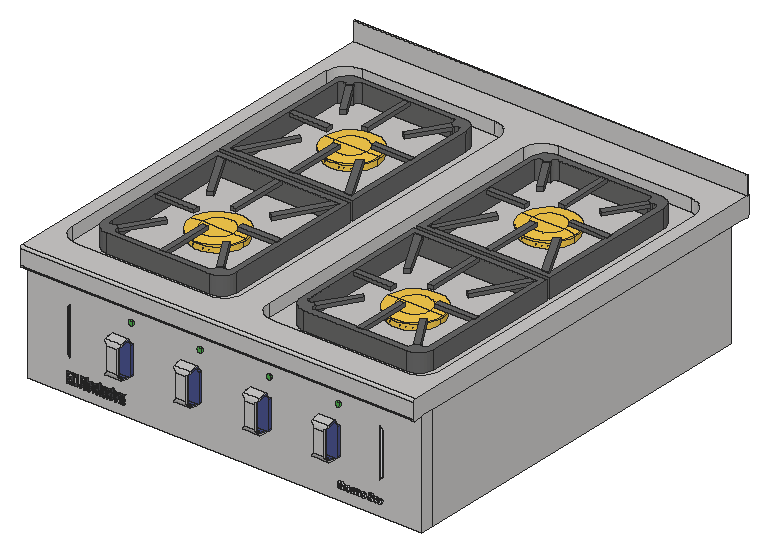
Revit family "QF_ELECTROLUXPROFESSIONAL_588524_MBGGBBHOPO", category Attrezzature speciali, Revit 2020
Family settings
  Quota connettore circolare = Usa diametro
  Tipo di parte = Normale
  Basato su piano di lavoro = No
  Sempre verticale = Sì
  Taglio con vuoti quando caricato = No
  Condiviso = No
  Punto di calcolo locali = No
Parameters (values of type "Standard")
  Weight = 65.00 kg
  Watts = 0 W
  Volts = 0 V
  URL Manufacturer = "https://www.electroluxprofessional.com/"
  URL = "https://www.electroluxprofessional.com/"
  Steam Supply Size = 0"
  Steam Supply Minimum Pressure = 0.00 psi
  Steam Supply Maximum Pressure = 0.00 psi
  Steam Consumption per Hour = 0
  Refrigeration Suction Line Size = 0 mm
  Refrigeration Liquid Line Size = 0 mm
  Refrigerant Compressor Remote = yes
  Prospetto di default = 0 mm
  Phase = 0
  Modello = "MBGGBBHOPO"
  Produttore = "Electrolux Professional"
  Length Actual = 800 mm  # constant formula
  Item Number = "588524"
  Hot Water Size = 0"
  Height Actual = 250 mm  # constant formula
  HP = "0 HP"
  Gas Size = 1/2"
  Gas KW = 28
  Gas Input Pressure = 0.938315 Btu/h
  Direct Waste Size = 0"
  Descrizione = "GAS TOP,4 BURNERS,1-S,BSPL,800X850X250H"
  Depth Actual = 850 mm  # constant formula
  Cycle = 0 Hz
  Condensate Return Size = 0"
  Compressed Air Volume = 0 GPM
  Compressed Air Size = 0"
  Compressed Air Pressure = 0.00 psi
  Cold Water Size = 0"
  Accessory = yes
Reference planes
  plane 1 "BACK": y = 0
  plane 2: z = 0
  plane 3 "LEFT": x = 0
  plane 4 "RIGHT": x = 800
  plane 5 "FRONT": y = -850
  plane 6 "TOP": z = 900
  plane 7 "Center (Left/Right)": x = 400
  plane 8: y = -425
  plane 9: y = -150
  plane 10: x = 75
  plane 11: x = 725
  plane 12: y = -65
  plane 13: y = -790
  plane 14 "GasY": y = -540
  plane 15: z = 938
  plane 16 "BaseTop": z = 650
  plane 17: y = -805
  plane 18 "Camino": y = -50
  plane 19: x = 764
  plane 20: z = 1131
Forms (mm)
  Extrusion 1, solid, material "QF_Finishes_Stainless Steel"
    sketch origin (-178.969, -4572, 100) x (-1, 0, 0) y (0, -1, 0)
      loop
        line (-178.969, -4527) -> (-178.969, -3767) -> (-978.969, -3767) -> (-978.969, -4527) -> (-178.969, -4527)
    from 550 to 762.969
  Extrusion 2, solid, material "QF_Finishes_Stainless Steel"
    sketch origin (400, 296.4, 1219.2) x (0, 1, 0) y (0, 0, 1)
      loop
        line (-296.4, -319.2) -> (-1141.4, -319.2)
        arc (-1141.4, -319.2) -> (-1144.935, -320.664) -> (-1146.4, -324.2) r 5
        line (-1146.4, -324.2) -> (-1146.4, -355.2)
        arc (-1146.4, -355.2) -> (-1144.971, -358.264) -> (-1141.705, -359.139) r 4
        line (-1141.705, -359.139) -> (-1126.4, -356.231) -> (-316.4, -356.231) -> (-301.094, -359.139)
        arc (-301.094, -359.139) -> (-297.829, -358.264) -> (-296.4, -355.2) r 4
        line (-296.4, -355.2) -> (-296.4, -319.2)
    from -400 to 400
  Extrusion 3, void
    sketch origin (0, 0, 900) x (-1, 0, 0) y (0, -1, 0)
      loop
        arc (-65.29, 65) -> (-37.006, 76.716) -> (-25.29, 105) r 40
        line (-25.29, 105) -> (-25.29, 750)
        arc (-25.29, 750) -> (-37.006, 778.284) -> (-65.29, 790) r 40
        line (-65.29, 790) -> (-335.29, 790)
        arc (-335.29, 790) -> (-363.574, 778.284) -> (-375.29, 750) r 40
        line (-375.29, 750) -> (-375.29, 105)
        arc (-375.29, 105) -> (-363.574, 76.716) -> (-335.29, 65) r 40
        line (-335.29, 65) -> (-65.29, 65)
    from 0 to -25
  Extrusion 4, solid, material "QF_Finishes_Stainless Steel"
    sketch origin (400, 296.4, 1219.2) x (0, 1, 0) y (0, 0, 1)
      loop
        line (-296.4, -319.2) -> (-296.4, -281.2) -> (-298.4, -281.2) -> (-298.4, -319.2) -> (-296.4, -319.2)
    from 400 to -400
  Extrusion 5, solid, material "QF_Finishes_Stainless Steel"
    sketch origin (0, 0, 650) x (-1, 0, 0) y (0, -1, 0)
      loop
        circle (-764, 540) r 10.1
    from 0 to -10
  Extrusion 6, void
    sketch origin (800, 0, 900) x (1, 0, 0) y (0, 1, 0)
      loop
        line (-65.29, -65) -> (-335.29, -65)
        arc (-335.29, -65) -> (-363.574, -76.716) -> (-375.29, -105) r 40
        line (-375.29, -105) -> (-375.29, -750)
        arc (-375.29, -750) -> (-363.574, -778.284) -> (-335.29, -790) r 40
        line (-335.29, -790) -> (-65.29, -790)
        arc (-65.29, -790) -> (-37.006, -778.284) -> (-25.29, -750) r 40
        line (-25.29, -750) -> (-25.29, -105)
        arc (-25.29, -105) -> (-37.006, -76.716) -> (-65.29, -65) r 40
    from 0 to -25
Cuts and joins
  Extrusion 3, Extrusion 6 cuts Extrusion 2
Lines and regions (mm)
  symbolic lines
    curve 1: line (0, 0, 100) -> (800, 0, 100)
    curve 2: line (0, -850, 100) -> (0, 0, 100)
    curve 3: line (800, -850, 100) -> (0, -850, 100)
    curve 4: line (800, 0, 100) -> (800, -850, 100)
    curve 5: line (0, -2, 0) -> (800, -2, 0)
    curve 6: line (335.29, -65, 0) -> (65.29, -65, 0)
    curve 7: line (424.71, -105, 0) -> (424.71, -750, 0)
    curve 8: line (734.71, -65, 0) -> (464.71, -65, 0)
    curve 9: arc (65.29, -65, 0) -> (37.006, -76.716, 0) -> (25.29, -105, 0) r 40
    curve 10: arc (375.29, -105, 0) -> (363.574, -76.716, 0) -> (335.29, -65, 0) r 40
    curve 11: line (375.29, -750, 0) -> (375.29, -105, 0)
    curve 12: arc (335.29, -790, 0) -> (363.574, -778.284, 0) -> (375.29, -750, 0) r 40
    curve 13: line (65.29, -790, 0) -> (335.29, -790, 0)
    curve 14: arc (25.29, -750, 0) -> (37.006, -778.284, 0) -> (65.29, -790, 0) r 40
    curve 15: line (25.29, -105, 0) -> (25.29, -750, 0)
    curve 16: arc (464.71, -65, 0) -> (436.426, -76.716, 0) -> (424.71, -105, 0) r 40
    curve 17: arc (774.71, -105, 0) -> (762.994, -76.716, 0) -> (734.71, -65, 0) r 40
    curve 18: line (774.71, -750, 0) -> (774.71, -105, 0)
    curve 19: arc (734.71, -790, 0) -> (762.994, -778.284, 0) -> (774.71, -750, 0) r 40
    curve 20: line (464.71, -790, 0) -> (734.71, -790, 0)
    curve 21: arc (424.71, -750, 0) -> (436.426, -778.284, 0) -> (464.71, -790, 0) r 40
Dimensions and locks
  plane 3 "LEFT" to plane 4 "RIGHT" = 800 mm
  locked: plane 5 "FRONT" to plane 1 "BACK" at 850
  plane 3 "LEFT" to plane 7 "Center (Left/Right)" to plane 4 "RIGHT" = 400 mm, 400 mm
  equal spacing: plane 5 "FRONT", plane 8, plane 1 "BACK"
  plane 6 "TOP" to level = 900 mm  (x2)
  plane 1 "BACK" to plane 9 = 150 mm
  plane 14 "GasY" to plane 1 "BACK" = 540 mm
  plane 15 to plane 6 "TOP" = 38 mm
  plane 12 to plane 1 "BACK" = 65 mm
  plane 5 "FRONT" to plane 13 = 60 mm
  plane 3 "LEFT" to plane 10 = 75 mm
  plane 11 to plane 4 "RIGHT" = 75 mm
  locked: plane 6 "TOP" to plane 16 "BaseTop" at 250
  locked: plane 17 to plane 5 "FRONT" at 45
  plane 18 "Camino" to plane 1 "BACK" = 50 mm
  plane 19 to plane 4 "RIGHT" = 36 mm
  plane 20 to plane 6 "TOP" = 231 mm
  aligned and locked: level to plane 2
  aligned and locked: cut or joined group of Extrusion 2, Extrusion 3, Extrusion 6 to plane 3 "LEFT"
  aligned and locked: cut or joined group of Extrusion 2, Extrusion 3, Extrusion 6 to plane 4 "RIGHT"
  aligned and locked: nested 1 to plane 17
  aligned and locked: Extrusion 1 to plane 17
  aligned and locked: Extrusion 4 to plane 3 "LEFT"
  aligned and locked: Extrusion 4 to plane 4 "RIGHT"
  aligned and locked: plane 3 "LEFT" to nested 1
Automatic sketch dimensions
  curve 5 to plane 3 "LEFT" = 0 mm
  curve 5 to plane 4 "RIGHT" = 0 mm
  plane 1 "BACK" to curve 5 = 2 mm
  Extrusion 1 sketch curve to plane 4 "RIGHT" = 0 mm
  Extrusion 1 sketch curve to plane 3 "LEFT" = 0 mm
  Extrusion 1 sketch curve to plane 17 = 0 mm
  Extrusion 1 sketch curve to plane 18 "Camino" = 5 mm
  plane 1 "BACK" to curve 1 = 0 mm
  curve 1 to plane 4 "RIGHT" = 0 mm
  curve 3 to plane 3 "LEFT" = 0 mm
  plane 5 "FRONT" to curve 3 = 0 mm
  Extrusion 2 sketch curve to plane 5 "FRONT" = 0 mm
  Extrusion 2 sketch curve to plane 6 "TOP" = 0 mm
  Extrusion 2 sketch curve to plane 1 "BACK" = 0 mm
  Extrusion 2 sketch curve to Extrusion 2 sketch curve = 4 mm
  Extrusion 2 sketch curve to Extrusion 2 sketch curve = 0.695 mm
  Extrusion 2 sketch curve to plane 5 "FRONT" = 5 mm
  Extrusion 2 sketch curve to Extrusion 2 sketch curve = 15.305 mm
  plane 1 "BACK" to Extrusion 2 sketch curve = 20 mm
  plane 1 "BACK" to Extrusion 2 sketch curve = 4.695 mm
  plane 1 "BACK" to Extrusion 2 sketch curve = 4 mm
  Extrusion 2 sketch curve to Extrusion 2 sketch curve = 31 mm
  Extrusion 2 sketch curve to Extrusion 2 sketch curve = 36 mm
  Extrusion 2 sketch curve to Extrusion 2 sketch curve = 2.909 mm
  plane 12 to Extrusion 3 sketch curve = 0 mm
  Extrusion 3 sketch curve to plane 7 "Center (Left/Right)" = 24.71 mm
  Extrusion 3 sketch curve to Extrusion 3 sketch curve = 40 mm  (x2)
  Extrusion 3 sketch curve to plane 13 = 40 mm
  plane 10 to Extrusion 3 sketch curve = 9.71 mm  (x2)
  plane 3 "LEFT" to Extrusion 3 sketch curve = 25.29 mm
  Extrusion 4 sketch curve to plane 6 "TOP" = 0 mm
  Extrusion 4 sketch curve to plane 15 = 0 mm
  Extrusion 4 sketch curve to plane 1 "BACK" = 0 mm
  Extrusion 4 sketch curve to Extrusion 4 sketch curve = 2 mm
  Extrusion 5 sketch curve to plane 14 "GasY" = 0 mm
  Extrusion 5 sketch curve to plane 19 = 0 mm
  plane 12 to Extrusion 6 sketch curve = 0 mm
  Extrusion 6 sketch curve to plane 7 "Center (Left/Right)" = 24.71 mm
  Extrusion 6 sketch curve to Extrusion 6 sketch curve = 40 mm  (x2)
  plane 13 to Extrusion 6 sketch curve = 40 mm
  plane 11 to Extrusion 6 sketch curve = 9.71 mm  (x2)
  Extrusion 6 sketch curve to plane 19 = 10.71 mm
  plane 7 "Center (Left/Right)" to curve 7 = 24.71 mm
  curve 8 to plane 11 = 9.71 mm
  plane 12 to curve 6 = 0 mm
  plane 10 to curve 6 = 9.71 mm
  curve 6 to plane 7 "Center (Left/Right)" = 64.71 mm
  plane 12 to curve 8 = 0 mm
  curve 9 to curve 6 = 40 mm
  curve 10 to curve 6 = 40 mm
  curve 11 to plane 13 = 40 mm
  plane 13 to curve 12 = 0 mm
  plane 10 to curve 13 = 9.71 mm
  plane 12 to curve 16 = 40 mm
  curve 17 to curve 8 = 40 mm
  curve 18 to plane 13 = 40 mm
  plane 13 to curve 19 = 0 mm
  curve 21 to plane 13 = 40 mm
  radius of Extrusion 5 sketch curve = 10.1 mm
Nested families
  nested 1: "Front_Panel_W800_4 Knobs_Spie" at (202.376, -805, 0), type "Front_Panel_W800_4 Knobs_Spie"
  nested 2: "Therma_One_Burner_Long" at (198.607, -260.258, 875), type "Therma_One_Burner_Long"
  nested 3: "Therma_One_Burner_Long" at (198.607, -593.742, 875), type "Therma_One_Burner_Long"
  nested 4: "Therma_One_Burner_Long" at (601.393, -260.258, 875) x (-1, 0, 0) z (0, 0, 1), type "Therma_One_Burner_Long"
  nested 5: "Therma_One_Burner_Long" at (601.393, -593.742, 875) x (-1, 0, 0) z (0, 0, 1), type "Therma_One_Burner_Long"
Connectors
  piping at (764, -540, 650), diameter 12.7, driven by "Gas Size"
    settings: on Extrusion 5, index 1, connector inside diameter 24", connector length 0 mm, flow factor 0, pipe flow 0 GPM, pressure drop 0.00 psi, fitting loss kfactor 0, connector angle 0.00°, fixture units 0, engagement length 0 mm, angle of deflection 0.00°, flow configuration 1, flow direction 1, fitting loss method 0, system type 7, joint type 0, gender type 0, connector reference index -1, connector utility 0, adjustable connector no, is connector primary yes, connector description "Gas Connection"
Definition of nested family "Front_Panel_W800_4 Knobs_Spie"
  Parameters
    Default Elevation = 0 mm
  Reference planes
    plane 1 "Center (Front/Back)": y = 0
    plane 2: z = 0
    plane 3 "Center (Left/Right)": x = 197.624
    plane 4 "Left": x = -202.376
    plane 5 "Right": x = 597.624
    plane 6: y = -45
    plane 7: x = -12.376
    plane 8: x = 127.624
    plane 9 "Panel": y = -25
    plane 10: x = 517.624
    plane 11: x = -122.376
  Forms (mm)
    Extrusion 1, solid
      sketch origin (833.217, 829.203, -1.25) x (0, 1, 0) y (0, 0, 1)
        loop
          line (-854.203, 651.25) -> (-829.203, 651.25) -> (-829.203, 864.25) -> (-854.203, 864.25) -> (-854.203, 651.25)
      from -1035.593 to -235.593
    Extrusion 2, void
      sketch origin (0, -25, -10) x (0, 0, 1) y (-1, 0, 0)
        loop
          line (731.866, 122.376) -> (726.866, 117.376) -> (823.866, 117.376) -> (818.866, 122.376) -> (731.866, 122.376)
        loop
          line (731.866, -517.624) -> (818.866, -517.624) -> (823.866, -512.624) -> (726.866, -512.624) -> (731.866, -517.624)
      from 0 to -2
    Extrusion 3, solid
      sketch origin (20, -25, 1.163) x (0, 0, 1) y (-1, 0, 0)
        loop
          circle (824.337, 12.376) r 5
      from 0 to 1.7
    Extrusion 4, solid
      sketch origin (160, -25, 1.163) x (0, 0, 1) y (-1, 0, 0)
        loop
          circle (824.337, 12.376) r 5
      from 0 to 1.7
    Extrusion 5, solid
      sketch origin (300.724, -25, 1.163) x (0, 0, 1) y (-1, 0, 0)
        loop
          circle (824.337, 12.376) r 5
      from 0 to 1.7
    Extrusion 6, solid
      sketch origin (440.724, -25, 1.163) x (0, 0, 1) y (-1, 0, 0)
        loop
          circle (824.337, 12.376) r 5
      from 0 to 1.7
    Extrusion 7, solid
      sketch origin (0, -25, -10) x (0, 0, 1) y (-1, 0, 0)
        loop
          line (731.866, 122.376) -> (726.866, 117.376) -> (823.866, 117.376) -> (818.866, 122.376) -> (731.866, 122.376)
        loop
          line (726.866, -512.624) -> (731.866, -517.624) -> (818.866, -517.624) -> (823.866, -512.624) -> (726.866, -512.624)
      from 0 to -2
  Cuts and joins
    Extrusion 2 cuts Extrusion 1
  Dimensions and locks
    equal spacing: plane 5 "Right", plane 3 "Center (Left/Right)", plane 4 "Left"
    plane 5 "Right" to plane 4 "Left" = 800 mm
    plane 3 "Center (Left/Right)" to plane 7 = 210 mm
    plane 3 "Center (Left/Right)" to plane 8 = 70 mm
    aligned and locked: cut or joined group of Extrusion 1, Extrusion 2 to plane 4 "Left"
    aligned and locked: plane 5 "Right" to cut or joined group of Extrusion 1, Extrusion 2
  Automatic sketch dimensions
    Extrusion 1 sketch curve to plane 9 "Panel" = 0 mm
    Extrusion 1 sketch curve to plane 1 "Center (Front/Back)" = 0 mm
    Extrusion 2 sketch curve to plane 11 = 0 mm
    Extrusion 2 sketch curve to plane 10 = 0 mm
    Extrusion 2 sketch curve to plane 10 = 5 mm
    plane 11 to Extrusion 2 sketch curve = 5 mm
    Extrusion 2 sketch curve to Extrusion 2 sketch curve = 5 mm  (x4)
    plane 7 to Extrusion 3 sketch curve = 20 mm
    plane 8 to Extrusion 4 sketch curve = 20 mm
    plane 3 "Center (Left/Right)" to Extrusion 5 sketch curve = 90.724 mm
    Extrusion 6 sketch curve to plane 10 = 89.276 mm
    Extrusion 7 sketch curve to plane 11 = 0 mm
    Extrusion 7 sketch curve to plane 10 = 0 mm
    plane 11 to Extrusion 7 sketch curve = 5 mm
    Extrusion 7 sketch curve to Extrusion 7 sketch curve = 5 mm  (x4)
    Extrusion 7 sketch curve to plane 10 = 5 mm
    level to Extrusion 1 sketch curve = 650 mm
    Extrusion 1 sketch curve to Extrusion 1 sketch curve = 213 mm
    level to Extrusion 2 sketch curve = 716.866 mm
    Extrusion 2 sketch curve to Extrusion 2 sketch curve = 0 mm
    Extrusion 2 sketch curve to Extrusion 2 sketch curve = 87 mm  (x2)
    level to Extrusion 3 sketch curve = 825.5 mm
    level to Extrusion 4 sketch curve = 825.5 mm
    level to Extrusion 5 sketch curve = 825.5 mm
    level to Extrusion 6 sketch curve = 825.5 mm
    level to Extrusion 7 sketch curve = 716.866 mm
    Extrusion 7 sketch curve to Extrusion 7 sketch curve = 0 mm
    Extrusion 7 sketch curve to Extrusion 7 sketch curve = 87 mm  (x2)
    radius of Extrusion 3 sketch curve = 5 mm
    radius of Extrusion 4 sketch curve = 5 mm
    radius of Extrusion 5 sketch curve = 5 mm
    radius of Extrusion 6 sketch curve = 5 mm
  Nested families
    nested 1: "Range Control Handle" at (-12.376, -28.137, -209.113) x (-1, 0, 0) z (0, 0, 1), type "Range Control Handle"
    nested 2: "Range Control Handle" at (127.624, -28.137, -209.113) x (-1, 0, 0) z (0, 0, 1), type "Range Control Handle"
    nested 3: "Range Control Handle" at (407.624, -28.137, -209.113), type "Range Control Handle"
    nested 4: "Range Control Handle" at (267.624, -28.137, -209.113), type "Range Control Handle"
    nested 5: "ELX_ThermaLine_Small" at (468.838, -25, 679.426) x (1, 0, 0) z (0, -1, 0), type "ELX_ThermaLine_Small"
      with Show Logo yes, Material_Logo none
    nested 6: "ELX_Professional_Logo_Small" at (-62.89, -25, 681.659) x (1, 0, 0) z (0, -1, 0), type "ELX_Professional_Logo_Small"
      with Show Logo yes, Material_Logo none
  Definition of nested family "Range Control Handle"
    Parameters
      Default Elevation = 0 mm
    Reference planes
      plane 1 "Center (Front/Back)": y = 0
      plane 2: z = 0
      plane 3 "Center (Left/Right)": x = 0
      plane 4: z = 971.092
      plane 5: y = -16.9
    Forms (mm)
      Extrusion 1, solid
        sketch origin (-746.28, 380.497, 208.931) x (-1, 0, 0) y (0, 0, 1)
          loop
            line (-770.101, 786.798) -> (-770.101, 731.649)
            arc (-770.101, 731.649) -> (-769.759, 730.563) -> (-768.855, 729.87) r 1.893
            line (-768.855, 729.87) -> (-763.474, 727.911) -> (-729.81, 727.911) -> (-724.428, 729.87)
            arc (-724.428, 729.87) -> (-723.525, 730.563) -> (-723.183, 731.649) r 1.893
            line (-723.183, 731.649) -> (-723.183, 786.798)
            arc (-723.183, 786.798) -> (-723.529, 787.894) -> (-724.44, 788.593) r 1.91
            line (-724.44, 788.593) -> (-729.683, 790.819) -> (-763.601, 790.819) -> (-768.844, 788.593)
            arc (-768.844, 788.593) -> (-769.755, 787.894) -> (-770.101, 786.798) r 1.91
        from -382.35 to -378.852
      Sweep 2, solid
        path origin (-746.788, 380.496, 208.091) x (0, -1, 0) y (0, 0, 1)
          loop
            line (379.775, 793.281) -> (395.661, 791.048)
            arc (395.661, 791.048) -> (397.781, 787.377) -> (398.517, 783.202) r 12.207
            line (398.517, 783.202) -> (398.517, 737.368)
            arc (398.517, 737.368) -> (397.781, 733.193) -> (395.661, 729.522) r 12.207
            line (395.661, 729.522) -> (379.775, 727.289)
        profile origin (-746.788, -7.222, 1000.256) x (0, -0.139173, 0.990268) y (-1, 0, 0)
          loop
            line (0.782, -763.123) -> (0.782, -730.907) -> (-1.322, -730.907) -> (-1.322, -763.123) -> (0.782, -763.123)
      Sweep 3, solid
        path origin (-746.788, 380.715, 207.832) x (0, -1, 0) y (0, 0, 1)
          loop
            line (380.478, 795.442) -> (397.218, 793.09)
            arc (397.218, 793.09) -> (399.929, 788.473) -> (400.871, 783.202) r 15.207
            line (400.871, 783.202) -> (400.871, 737.584)
            arc (400.871, 737.584) -> (399.914, 732.274) -> (397.164, 727.633) r 15.207
            line (397.164, 727.633) -> (380.601, 725.305)
        profile origin (-746.788, -8.132, 1002.099) x (0, -0.139173, 0.990268) y (-1, 0, 0)
          loop
            line (0.782, -763.123) -> (0.782, -730.907) -> (-1.322, -730.907) -> (-1.322, -763.123) -> (0.782, -763.123)
      Extrusion 4, void
        sketch origin (889.253, 220.666, 207.993) x (1, 0, 0) y (0, 0, 1)
          loop
            line (-943.038, 816.854) -> (-943.038, 703.686) -> (-899.466, 734.196) -> (-899.466, 786.344) -> (-943.038, 816.854)
        from 230.636 to 242.25
      Extrusion 5, void
        sketch origin (-888.8, 220.666, 207.993) x (-1, 0, 0) y (0, 0, -1)
          loop
            line (-943.038, -816.854) -> (-899.466, -786.344) -> (-899.466, -734.196) -> (-943.038, -703.686) -> (-943.038, -816.854)
        from 230.636 to 242.25
      Extrusion 6, solid
        sketch origin (0, 0, 0) x (1, 0, 0) y (0, 0, 1)
          loop
            circle (0, 971.092) r 7.736
        from -3.137 to -1.645
    Cuts and joins
      Extrusion 4, Extrusion 5 cuts Sweep 3
      Extrusion 4, Extrusion 5 cuts Sweep 2
      joined: Extrusion 1, Extrusion 6
    Lines and regions (mm)
      symbolic lines
        curve 1: line (16.334, -16.9, 0) -> (16.334, -19.227, 0)
        curve 2: spline (16.334, -19.227, 0) -> (15.87, -19.385, 0) -> (15.404, -19.536, 0) -> (14.936, -19.678, 0) -> (14.466, -19.813, 0) -> (13.995, -19.94, 0) -> (13.523, -20.059, 0) -> (13.049, -20.171, 0) -> (12.575, -20.274, 0) -> (12.099, -20.37, 0) -> (11.622, -20.458, 0) -> (11.144, -20.537, 0) -> (10.666, -20.609, 0)
        curve 3: line (10.666, -16.9, 0) -> (10.666, -20.938, 0)
        curve 4: line (-10.213, -20.938, 0) -> (10.666, -20.938, 0)
        curve 5: line (-10.213, -20.938, 0) -> (-10.213, -16.9, 0)
        curve 6: spline (-10.213, -20.609, 0) -> (-10.691, -20.537, 0) -> (-11.169, -20.458, 0) -> (-11.646, -20.37, 0) -> (-12.122, -20.274, 0) -> (-12.597, -20.171, 0) -> (-13.07, -20.059, 0) -> (-13.542, -19.94, 0) -> (-14.013, -19.813, 0) -> (-14.483, -19.678, 0) -> (-14.951, -19.536, 0) -> (-15.417, -19.385, 0) -> (-15.881, -19.227, 0)
        curve 7: line (-15.881, -19.227, 0) -> (-15.881, -16.9, 0)
  Definition of nested family "ELX_ThermaLine_Small"
    Parameters
      Show Logo [instance] = yes
      Material_Logo [instance] = none
      Default Elevation = 0 mm
    Reference planes
      plane 1 "Centro (Fronte/Retro)": y = 0
      plane 2: z = 0
      plane 3 "Centro (Sinistra/Destra)": x = 0
    Forms (mm)
      Extrusion 1, solid
        sketch origin (0, 0, 0) x (1, 0, 0) y (0, 1, 0)
          loop
            line (-1219.2, 1219.2) -> (-1219.2, -1219.2) -> (1219.2, -1219.2) -> (1219.2, 1219.2) -> (-1219.2, 1219.2)
        from 0 to -304.8
      Extrusion 2, solid
        sketch origin (0, 0, 0) x (1, 0, 0) y (0, 1, 0)
          loop
            line (-37.494, 1.229) -> (-35.908, 1.229) -> (-35.908, 3.066) -> (-37.494, 3.066) -> (-37.494, 6.221) -> (-39.867, 4.881) -> (-39.867, 3.066) -> (-40.969, 3.066) -> (-40.969, 1.229) -> (-39.867, 1.229) -> (-39.867, -3.407)
            arc (-39.867, -3.407) -> (-38.982, -5.513) -> (-36.751, -6.001) r 2.478
            line (-36.751, -6.001) -> (-35.638, -5.7) -> (-35.9, -3.835) -> (-36.661, -4.039)
            arc (-36.661, -4.039) -> (-37.236, -3.924) -> (-37.494, -3.399) r 0.662
            line (-37.494, -3.399) -> (-37.494, 1.229)
          loop
            line (-34.242, 6.539) -> (-34.242, -5.848) -> (-31.854, -5.848) -> (-31.854, -0.078)
            arc (-31.854, -0.078) -> (-30.939, 1.249) -> (-29.33, 1.367) r 1.866
            arc (-29.33, 1.367) -> (-28.695, 0.768) -> (-28.461, -0.073) r 1.627
            line (-28.461, -0.073) -> (-28.461, -5.848) -> (-26.086, -5.848) -> (-26.064, -0.46)
            arc (-26.064, -0.46) -> (-26.261, 0.932) -> (-26.786, 2.237) r 5.825
            arc (-26.786, 2.237) -> (-29.381, 3.264) -> (-31.854, 1.971) r 3.353
            line (-31.854, 1.971) -> (-31.854, 6.539) -> (-34.242, 6.539)
          loop
            arc (-18.398, -0.598) -> (-18.893, 0.879) -> (-20.326, 1.487) r 1.897
            arc (-20.326, 1.487) -> (-21.461, 0.708) -> (-21.897, -0.598) r 2.164
            line (-21.897, -0.598) -> (-18.398, -0.598)
          loop
            arc (-16.021, -2.044) -> (-16.754, 1.227) -> (-19.444, 3.226) r 4.814
            arc (-19.444, 3.226) -> (-22.137, 2.788) -> (-23.943, 0.743) r 4.054
            arc (-23.943, 0.743) -> (-24.382, -1.249) -> (-24.162, -3.276) r 6.289
            arc (-24.162, -3.276) -> (-23.302, -4.71) -> (-21.958, -5.705) r 4.28
            arc (-21.958, -5.705) -> (-18.558, -5.814) -> (-16.152, -3.409) r 4.28
            line (-16.152, -3.409) -> (-18.5, -2.995)
            arc (-18.5, -2.995) -> (-19.273, -3.994) -> (-20.533, -4.076) r 1.536
            arc (-20.533, -4.076) -> (-21.56, -3.281) -> (-21.958, -2.044) r 2.197
            line (-21.958, -2.044) -> (-16.021, -2.044)
          loop
            line (-14.165, -5.848) -> (-11.819, -5.848) -> (-11.819, -2.138)
            arc (-11.819, -2.138) -> (-11.787, -1.156) -> (-11.637, -0.185) r 8.18
            arc (-11.637, -0.185) -> (-10.644, 0.972) -> (-9.132, 0.776) r 1.603
            line (-9.132, 0.776) -> (-8.419, 2.846)
            arc (-8.419, 2.846) -> (-10.432, 3.118) -> (-11.994, 1.821) r 2.527
            line (-11.994, 1.821) -> (-11.994, 3.094) -> (-14.165, 3.094) -> (-14.165, -5.848)
          loop
            line (-7.579, 3.094) -> (-7.579, -5.848) -> (-5.178, -5.848) -> (-5.178, -0.756)
            arc (-5.178, -0.756) -> (-4.727, 0.679) -> (-3.417, 1.419) r 2.05
            arc (-3.417, 1.419) -> (-2.499, 0.908) -> (-2.155, -0.085) r 1.471
            line (-2.155, -0.085) -> (-2.155, -5.848) -> (0.23, -5.848) -> (0.23, -1.001)
            arc (0.23, -1.001) -> (0.47, 0.127) -> (1.148, 1.061) r 2.775
            arc (1.148, 1.061) -> (2.225, 1.329) -> (3.05, 0.587) r 1.182
            arc (3.05, 0.587) -> (3.199, -0.019) -> (3.214, -0.642) r 2.894
            line (3.214, -0.642) -> (3.214, -5.848) -> (5.601, -5.848) -> (5.601, 0.261)
            arc (5.601, 0.261) -> (4.87, 2.263) -> (2.976, 3.241) r 2.932
            arc (2.976, 3.241) -> (1.284, 2.973) -> (-0.047, 1.896) r 3.309
            arc (-0.047, 1.896) -> (-1.116, 2.865) -> (-2.506, 3.258) r 3.16
            arc (-2.506, 3.258) -> (-4.105, 2.942) -> (-5.376, 1.92) r 3.419
            line (-5.376, 1.92) -> (-5.376, 3.094) -> (-7.579, 3.094)
          loop
            line (7.583, 0.738) -> (9.702, 0.364)
            arc (9.702, 0.364) -> (11.441, 1.492) -> (12.855, -0.023) r 1.613
            line (12.855, -0.023) -> (9.782, -0.789)
            arc (9.782, -0.789) -> (8.559, -1.346) -> (7.617, -2.305) r 3.687
            arc (7.617, -2.305) -> (7.499, -3.681) -> (7.901, -5.003) r 3.651
            arc (7.901, -5.003) -> (9.107, -5.766) -> (10.515, -6.006) r 3.635
            arc (10.515, -6.006) -> (11.898, -5.697) -> (13.067, -4.895) r 3.734
            line (13.067, -4.895) -> (13.376, -5.848) -> (15.75, -5.848) -> (15.212, -4.193) -> (15.212, 0.38)
            arc (15.212, 0.38) -> (14.897, 1.849) -> (13.818, 2.895) r 2.585
            arc (13.818, 2.895) -> (11.792, 3.442) -> (9.719, 3.11) r 5.005
            arc (9.719, 3.11) -> (8.369, 2.178) -> (7.583, 0.738) r 3.54
          loop
            line (19.723, -5.848) -> (22.233, -5.848) -> (24.854, 6.484) -> (22.345, 6.484) -> (19.723, -5.848)
          loop
            line (24.583, -5.848) -> (26.953, -5.848) -> (28.848, 3.066) -> (26.478, 3.066) -> (24.583, -5.848)
          loop
            line (27.204, 6.484) -> (26.741, 4.305) -> (29.111, 4.305) -> (29.575, 6.484) -> (27.204, 6.484)
          loop
            line (29.355, -5.848) -> (31.849, -5.848) -> (33.098, 0.028)
            arc (33.098, 0.028) -> (34.169, 1.306) -> (35.832, 1.422) r 2.132
            arc (35.832, 1.422) -> (36.324, 0.752) -> (36.383, -0.078) r 1.5
            line (36.383, -0.078) -> (35.157, -5.848) -> (37.536, -5.848) -> (38.936, 0.738)
            arc (38.936, 0.738) -> (38.775, 2.091) -> (37.825, 3.066) r 2.118
            arc (37.825, 3.066) -> (35.392, 3.175) -> (33.295, 1.937) r 4.271
            line (33.295, 1.937) -> (33.535, 3.066) -> (31.25, 3.066) -> (29.355, -5.848)
          loop
            line (42.792, -0.64) -> (46.589, -0.64)
            arc (46.589, -0.64) -> (46.639, 0.124) -> (46.327, 0.823) r 1.589
            arc (46.327, 0.823) -> (45.117, 1.521) -> (43.762, 1.183) r 1.865
            arc (43.762, 1.183) -> (43.141, 0.344) -> (42.792, -0.64) r 3.538
          loop
            line (42.565, -2.138) -> (48.593, -2.138)
            arc (48.593, -2.138) -> (48.58, 0.597) -> (46.983, 2.818) r 4.494
            arc (46.983, 2.818) -> (44.191, 3.28) -> (41.725, 1.891) r 4.26
            arc (41.725, 1.891) -> (40.503, -0.3) -> (40.284, -2.799) r 6.003
            arc (40.284, -2.799) -> (40.959, -4.468) -> (42.377, -5.576) r 3.482
            arc (42.377, -5.576) -> (44.265, -5.961) -> (46.152, -5.576) r 4.823
            arc (46.152, -5.576) -> (47.432, -4.731) -> (48.328, -3.485) r 4.245
            line (48.328, -3.485) -> (46.168, -3.105)
            arc (46.168, -3.105) -> (45.214, -4.072) -> (43.859, -4.181) r 1.953
            arc (43.859, -4.181) -> (42.821, -3.408) -> (42.565, -2.138) r 1.81
          loop
            line (12.868, -1.553) -> (10.216, -2.214)
            arc (10.216, -2.214) -> (9.747, -3.136) -> (10.216, -4.058) r 1.14
            arc (10.216, -4.058) -> (11.537, -4.249) -> (12.614, -3.46) r 1.763
            arc (12.614, -3.46) -> (12.858, -2.522) -> (12.868, -1.553) r 3.97
        from 0 to 1.6
    Dimensions and locks
      aligned and locked: plane 2 to Extrusion 1
      aligned and locked: level to Extrusion 1
  Definition of nested family "ELX_Professional_Logo_Small"
    Parameters
      Show Logo [instance] = yes
      Material_Logo [instance] = none
      Default Elevation = 0 mm
    Reference planes
      plane 1 "Centro (Fronte/Retro)": y = 0
      plane 2: z = 0
      plane 3 "Centro (Sinistra/Destra)": x = 0
    Forms (mm)
      Extrusion 1, solid
        sketch origin (0, 0, 0) x (1, 0, 0) y (0, 1, 0)
          loop
            line (-1219.2, 1219.2) -> (-1219.2, -1219.2) -> (1219.2, -1219.2) -> (1219.2, 1219.2) -> (-1219.2, 1219.2)
        from 0 to -304.8
      Extrusion 2, solid, material <- "Material_Logo"
        sketch origin (15.5, 0, 0) x (1, 0, 0) y (0, 1, 0)
          loop
            spline (-42.99, -1.24) -> (-43.195, -1.231) -> (-43.415, -1.203) -> (-43.642, -1.152) -> (-43.87, -1.074) -> (-44.095, -0.966) -> (-44.309, -0.825) -> (-44.506, -0.647) -> (-44.681, -0.429) -> (-44.828, -0.167) -> (-44.94, 0.142) -> (-45.011, 0.501) -> (-45.037, 0.915)
            line (-45.037, 0.915) -> (-45.037, 2.748) -> (-38.984, 2.748) -> (-38.984, 5.086) -> (-45.038, 5.086) -> (-45.038, 8.489) -> (-38.599, 8.489) -> (-38.599, 10.82) -> (-47.515, 10.82) -> (-47.515, 1.021)
            spline (-47.515, 1.021) -> (-47.493, 0.418) -> (-47.425, -0.15) -> (-47.311, -0.682) -> (-47.15, -1.175) -> (-46.939, -1.628) -> (-46.678, -2.038) -> (-46.365, -2.404) -> (-46, -2.723) -> (-45.58, -2.995) -> (-45.105, -3.216) -> (-44.573, -3.385) -> (-43.983, -3.499)
            line (-43.983, -3.499) -> (-43.01, -3.569) -> (-38.426, -3.569) -> (-38.426, -1.24) -> (-42.99, -1.24)
          loop
            line (-36.666, 4.021) -> (-36.666, -3.573) -> (-34.188, -3.573) -> (-34.188, 10.824) -> (-36.666, 10.824) -> (-36.666, 4.021)
          loop
            spline (-21.915, 1.897) -> (-21.957, 2.615) -> (-22.082, 3.303) -> (-22.285, 3.955) -> (-22.563, 4.564) -> (-22.913, 5.124) -> (-23.331, 5.629) -> (-23.814, 6.074) -> (-24.359, 6.451) -> (-24.961, 6.755) -> (-25.618, 6.98) -> (-26.326, 7.119) -> (-27.081, 7.167)
            spline (-27.081, 7.167) -> (-27.853, 7.122) -> (-28.586, 6.99) -> (-29.275, 6.774) -> (-29.915, 6.478) -> (-30.5, 6.104) -> (-31.024, 5.657) -> (-31.483, 5.138) -> (-31.871, 4.553) -> (-32.182, 3.904) -> (-32.411, 3.194) -> (-32.552, 2.427) -> (-32.6, 1.606)
            spline (-32.6, 1.606) -> (-32.553, 0.805) -> (-32.416, 0.057) -> (-32.193, -0.637) -> (-31.887, -1.271) -> (-31.504, -1.843) -> (-31.048, -2.35) -> (-30.523, -2.788) -> (-29.934, -3.154) -> (-29.284, -3.444) -> (-28.579, -3.656) -> (-27.822, -3.785) -> (-27.019, -3.829)
            spline (-27.019, -3.829) -> (-26.627, -3.82) -> (-26.239, -3.79) -> (-25.856, -3.739) -> (-25.477, -3.663) -> (-25.103, -3.562) -> (-24.734, -3.432) -> (-24.369, -3.273) -> (-24.01, -3.082) -> (-23.655, -2.858) -> (-23.305, -2.597) -> (-22.96, -2.299) -> (-22.621, -1.962)
            line (-22.621, -1.962) -> (-24.114, -0.509)
            spline (-24.114, -0.509) -> (-24.311, -0.699) -> (-24.509, -0.872) -> (-24.71, -1.03) -> (-24.915, -1.172) -> (-25.126, -1.297) -> (-25.346, -1.407) -> (-25.576, -1.5) -> (-25.817, -1.576) -> (-26.072, -1.636) -> (-26.342, -1.678) -> (-26.629, -1.704) -> (-26.936, -1.713)
            spline (-26.936, -1.713) -> (-27.384, -1.691) -> (-27.805, -1.625) -> (-28.196, -1.518) -> (-28.556, -1.372) -> (-28.882, -1.187) -> (-29.174, -0.966) -> (-29.429, -0.71) -> (-29.645, -0.422) -> (-29.821, -0.102) -> (-29.955, 0.247) -> (-30.045, 0.623) -> (-30.089, 1.026)
            line (-30.089, 1.026) -> (-21.956, 1.026) -> (-21.915, 1.897)
          loop
            spline (-24.446, 2.769) -> (-24.47, 3.075) -> (-24.54, 3.37) -> (-24.654, 3.65) -> (-24.807, 3.913) -> (-24.996, 4.156) -> (-25.219, 4.376) -> (-25.472, 4.57) -> (-25.753, 4.736) -> (-26.057, 4.869) -> (-26.382, 4.968) -> (-26.724, 5.03) -> (-27.081, 5.051)
            spline (-27.081, 5.051) -> (-27.464, 5.03) -> (-27.832, 4.97) -> (-28.183, 4.872) -> (-28.513, 4.74) -> (-28.819, 4.577) -> (-29.099, 4.384) -> (-29.347, 4.165) -> (-29.563, 3.923) -> (-29.742, 3.659) -> (-29.881, 3.377) -> (-29.977, 3.079) -> (-30.027, 2.769)
            line (-30.027, 2.769) -> (-24.446, 2.769)
          loop
            spline (-18.167, 1.669) -> (-18.138, 2.13) -> (-18.055, 2.567) -> (-17.921, 2.978) -> (-17.739, 3.358) -> (-17.512, 3.705) -> (-17.243, 4.016) -> (-16.937, 4.287) -> (-16.596, 4.517) -> (-16.223, 4.7) -> (-15.823, 4.835) -> (-15.398, 4.919) -> (-14.951, 4.947)
            spline (-14.951, 4.947) -> (-14.677, 4.938) -> (-14.414, 4.913) -> (-14.162, 4.871) -> (-13.921, 4.812) -> (-13.69, 4.738) -> (-13.467, 4.649) -> (-13.254, 4.544) -> (-13.048, 4.424) -> (-12.85, 4.291) -> (-12.659, 4.143) -> (-12.474, 3.981) -> (-12.295, 3.806)
            line (-12.295, 3.806) -> (-10.76, 5.403)
            spline (-10.76, 5.403) -> (-11.065, 5.709) -> (-11.38, 5.984) -> (-11.703, 6.228) -> (-12.035, 6.443) -> (-12.375, 6.63) -> (-12.723, 6.788) -> (-13.078, 6.92) -> (-13.44, 7.026) -> (-13.809, 7.107) -> (-14.184, 7.164) -> (-14.564, 7.198) -> (-14.951, 7.209)
            spline (-14.951, 7.209) -> (-15.725, 7.161) -> (-16.467, 7.02) -> (-17.169, 6.792) -> (-17.826, 6.482) -> (-18.43, 6.096) -> (-18.976, 5.637) -> (-19.455, 5.112) -> (-19.862, 4.525) -> (-20.19, 3.882) -> (-20.433, 3.189) -> (-20.584, 2.449) -> (-20.635, 1.669)
            spline (-20.635, 1.669) -> (-20.584, 0.889) -> (-20.433, 0.149) -> (-20.19, -0.545) -> (-19.862, -1.187) -> (-19.455, -1.774) -> (-18.976, -2.299) -> (-18.43, -2.758) -> (-17.826, -3.145) -> (-17.169, -3.454) -> (-16.467, -3.682) -> (-15.725, -3.823) -> (-14.951, -3.871)
            spline (-14.951, -3.871) -> (-14.564, -3.86) -> (-14.184, -3.826) -> (-13.809, -3.77) -> (-13.44, -3.689) -> (-13.078, -3.583) -> (-12.723, -3.451) -> (-12.375, -3.292) -> (-12.035, -3.105) -> (-11.703, -2.89) -> (-11.38, -2.646) -> (-11.065, -2.371) -> (-10.76, -2.066)
            line (-10.76, -2.066) -> (-12.295, -0.468)
            spline (-12.295, -0.468) -> (-12.474, -0.643) -> (-12.659, -0.805) -> (-12.85, -0.953) -> (-13.048, -1.087) -> (-13.254, -1.206) -> (-13.467, -1.311) -> (-13.69, -1.4) -> (-13.921, -1.475) -> (-14.162, -1.533) -> (-14.414, -1.575) -> (-14.677, -1.6) -> (-14.951, -1.609)
            spline (-14.951, -1.609) -> (-15.398, -1.581) -> (-15.823, -1.497) -> (-16.223, -1.362) -> (-16.596, -1.179) -> (-16.937, -0.95) -> (-17.243, -0.678) -> (-17.512, -0.367) -> (-17.739, -0.02) -> (-17.921, 0.36) -> (-18.055, 0.771) -> (-18.138, 1.208) -> (-18.167, 1.669)
          loop
            spline (-4.441, -1.243) -> (-4.659, -1.247) -> (-4.894, -1.23) -> (-5.137, -1.19) -> (-5.384, -1.121) -> (-5.628, -1.021) -> (-5.864, -0.884) -> (-6.084, -0.708) -> (-6.283, -0.488) -> (-6.454, -0.219) -> (-6.592, 0.101) -> (-6.69, 0.478) -> (-6.742, 0.914)
            line (-6.742, 0.914) -> (-6.742, 4.587) -> (-4.487, 4.587) -> (-4.487, 6.838) -> (-6.738, 6.838) -> (-6.738, 10.824) -> (-9.217, 10.824) -> (-9.217, 0.773)
            spline (-9.217, 0.773) -> (-9.164, 0.19) -> (-9.068, -0.358) -> (-8.928, -0.87) -> (-8.742, -1.343) -> (-8.511, -1.777) -> (-8.232, -2.168) -> (-7.904, -2.515) -> (-7.527, -2.816) -> (-7.098, -3.069) -> (-6.618, -3.273) -> (-6.084, -3.426) -> (-5.496, -3.525)
            line (-5.496, -3.525) -> (-4.45, -3.573) -> (-4.441, -1.243)
          loop
            spline (3.898, 6.983) -> (3.469, 7.009) -> (3.056, 7.001) -> (2.661, 6.961) -> (2.283, 6.888) -> (1.925, 6.785) -> (1.588, 6.652) -> (1.272, 6.49) -> (0.979, 6.301) -> (0.71, 6.085) -> (0.465, 5.844) -> (0.247, 5.578) -> (0.056, 5.289)
            line (0.056, 5.289) -> (0.056, 6.838) -> (-2.402, 6.838) -> (-2.402, -3.572) -> (0.056, -3.572) -> (0.056, 1.901)
            spline (0.056, 1.901) -> (0.079, 2.316) -> (0.145, 2.703) -> (0.254, 3.06) -> (0.404, 3.386) -> (0.592, 3.679) -> (0.818, 3.938) -> (1.08, 4.162) -> (1.375, 4.348) -> (1.703, 4.495) -> (2.062, 4.602) -> (2.45, 4.668) -> (2.865, 4.69)
            line (2.865, 4.69) -> (3.898, 4.586) -> (3.898, 6.983)
          loop
            spline (15.638, 1.633) -> (15.586, 2.396) -> (15.435, 3.124) -> (15.192, 3.81) -> (14.863, 4.449) -> (14.455, 5.034) -> (13.975, 5.56) -> (13.43, 6.021) -> (12.826, 6.411) -> (12.17, 6.724) -> (11.469, 6.955) -> (10.729, 7.098) -> (9.958, 7.147)
            spline (9.958, 7.147) -> (9.182, 7.098) -> (8.44, 6.955) -> (7.737, 6.724) -> (7.081, 6.411) -> (6.477, 6.021) -> (5.933, 5.56) -> (5.454, 5.034) -> (5.048, 4.449) -> (4.721, 3.81) -> (4.479, 3.124) -> (4.329, 2.396) -> (4.277, 1.633)
            spline (4.277, 1.633) -> (4.329, 0.869) -> (4.479, 0.141) -> (4.721, -0.544) -> (5.048, -1.183) -> (5.454, -1.768) -> (5.933, -2.294) -> (6.477, -2.755) -> (7.081, -3.145) -> (7.737, -3.459) -> (8.44, -3.69) -> (9.182, -3.833) -> (9.958, -3.882)
            spline (9.958, -3.882) -> (10.729, -3.833) -> (11.469, -3.69) -> (12.17, -3.459) -> (12.826, -3.145) -> (13.43, -2.755) -> (13.975, -2.294) -> (14.455, -1.768) -> (14.863, -1.183) -> (15.192, -0.544) -> (15.435, 0.141) -> (15.586, 0.869) -> (15.638, 1.633)
          loop
            spline (13.18, 1.633) -> (13.151, 2.083) -> (13.067, 2.513) -> (12.932, 2.918) -> (12.748, 3.296) -> (12.52, 3.642) -> (12.251, 3.954) -> (11.943, 4.227) -> (11.601, 4.459) -> (11.228, 4.645) -> (10.828, 4.782) -> (10.403, 4.867) -> (9.958, 4.896)
            spline (9.958, 4.896) -> (9.509, 4.867) -> (9.081, 4.782) -> (8.679, 4.645) -> (8.306, 4.459) -> (7.964, 4.227) -> (7.658, 3.954) -> (7.39, 3.642) -> (7.163, 3.296) -> (6.981, 2.918) -> (6.847, 2.513) -> (6.765, 2.083) -> (6.736, 1.633)
            spline (6.736, 1.633) -> (6.765, 1.182) -> (6.847, 0.753) -> (6.981, 0.347) -> (7.163, -0.031) -> (7.39, -0.377) -> (7.658, -0.689) -> (7.964, -0.962) -> (8.306, -1.193) -> (8.679, -1.38) -> (9.081, -1.517) -> (9.509, -1.602) -> (9.958, -1.631)
            spline (9.958, -1.631) -> (10.403, -1.602) -> (10.828, -1.517) -> (11.228, -1.38) -> (11.601, -1.193) -> (11.943, -0.962) -> (12.251, -0.689) -> (12.52, -0.377) -> (12.748, -0.031) -> (12.932, 0.347) -> (13.067, 0.753) -> (13.151, 1.182) -> (13.18, 1.633)
          loop
            line (17.162, 4.269) -> (17.162, -3.573) -> (19.642, -3.573) -> (19.642, 10.824) -> (17.162, 10.824) -> (17.162, 4.269)
          loop
            line (28.581, 6.838) -> (28.581, 0.786)
            spline (28.581, 0.786) -> (28.561, 0.393) -> (28.503, 0.038) -> (28.409, -0.279) -> (28.281, -0.559) -> (28.122, -0.802) -> (27.933, -1.011) -> (27.717, -1.185) -> (27.476, -1.325) -> (27.213, -1.433) -> (26.929, -1.509) -> (26.626, -1.554) -> (26.308, -1.569)
            spline (26.308, -1.569) -> (25.99, -1.554) -> (25.688, -1.509) -> (25.404, -1.434) -> (25.141, -1.326) -> (24.9, -1.187) -> (24.684, -1.014) -> (24.496, -0.807) -> (24.336, -0.565) -> (24.209, -0.288) -> (24.115, 0.026) -> (24.057, 0.376) -> (24.037, 0.765)
            line (24.037, 0.765) -> (24.037, 6.838) -> (21.537, 6.838) -> (21.537, 0.558)
            spline (21.537, 0.558) -> (21.581, -0.153) -> (21.71, -0.8) -> (21.916, -1.384) -> (22.195, -1.904) -> (22.54, -2.362) -> (22.944, -2.757) -> (23.403, -3.09) -> (23.909, -3.362) -> (24.456, -3.572) -> (25.04, -3.722) -> (25.652, -3.811) -> (26.288, -3.841)
            spline (26.288, -3.841) -> (26.929, -3.811) -> (27.547, -3.72) -> (28.135, -3.568) -> (28.687, -3.355) -> (29.197, -3.079) -> (29.66, -2.741) -> (30.068, -2.341) -> (30.415, -1.877) -> (30.696, -1.349) -> (30.905, -0.757) -> (31.034, -0.101) -> (31.079, 0.621)
            line (31.079, 0.621) -> (31.079, 6.838) -> (28.581, 6.838)
          loop
            line (40.457, -0.243) -> (38.894, 1.942) -> (40.83, 4.579) -> (42.488, 6.837) -> (39.782, 6.837) -> (37.53, 3.719) -> (35.258, 6.837) -> (32.573, 6.837) -> (34.113, 4.731) -> (36.167, 1.922) -> (34.014, -1.076) -> (32.222, -3.573) -> (34.887, -3.573) -> (37.53, 0.104) -> (40.174, -3.573) -> (42.839, -3.573) -> (40.457, -0.243)
          loop
            line (-46.121, -5.837) -> (-48.039, -5.837) -> (-48.039, -10.814) -> (-47.016, -10.814) -> (-47.016, -9.128) -> (-46.121, -9.128)
            arc (-46.121, -9.128) -> (-44.476, -7.482) -> (-46.121, -5.837) r 1.645
          loop
            line (-46.163, -6.778) -> (-47.016, -6.778) -> (-47.016, -8.187) -> (-46.163, -8.187)
            arc (-46.163, -8.187) -> (-45.458, -7.482) -> (-46.163, -6.778) r 0.704
          loop
            line (-38.313, -5.837) -> (-40.265, -5.837) -> (-40.265, -10.814) -> (-39.241, -10.814) -> (-39.241, -9.1) -> (-38.46, -9.182) -> (-37.48, -10.814) -> (-36.318, -10.814) -> (-37.513, -8.848)
            arc (-37.513, -8.848) -> (-36.888, -8.266) -> (-36.671, -7.441) r 1.536
            arc (-36.671, -7.441) -> (-37.165, -6.305) -> (-38.313, -5.837) r 1.643
          loop
            arc (-38.402, -8.166) -> (-37.707, -7.505) -> (-38.334, -6.778) r 0.696
            line (-38.334, -6.778) -> (-39.241, -6.778) -> (-39.241, -8.166) -> (-38.402, -8.166)
          loop
            circle (-29.965, -8.325) r 2.585
          loop
            circle (-29.965, -8.325) r 1.64
          loop
            line (-23.1, -5.837) -> (-23.1, -10.814) -> (-22.076, -10.814) -> (-22.076, -8.768) -> (-20.204, -8.768) -> (-20.204, -7.828) -> (-22.076, -7.828) -> (-22.076, -6.778) -> (-20.024, -6.778) -> (-20.024, -5.837) -> (-23.1, -5.837)
          loop
            line (-15.802, -5.837) -> (-15.802, -9.2)
            arc (-15.802, -9.2) -> (-15.343, -10.34) -> (-14.209, -10.814) r 1.593
            line (-14.209, -10.814) -> (-12.602, -10.814) -> (-12.602, -10.027) -> (-14.004, -10.027)
            arc (-14.004, -10.027) -> (-14.552, -9.8) -> (-14.779, -9.252) r 0.775
            line (-14.779, -9.252) -> (-14.779, -8.424) -> (-12.789, -8.424) -> (-12.789, -7.642) -> (-14.779, -7.642) -> (-14.779, -6.778) -> (-12.651, -6.778) -> (-12.651, -5.837) -> (-15.802, -5.837)
          loop
            line (-5.909, -7.143) -> (-5.173, -6.638)
            arc (-5.173, -6.638) -> (-5.855, -5.974) -> (-6.781, -5.755) r 1.782
            arc (-6.781, -5.755) -> (-7.397, -5.878) -> (-7.944, -6.189) r 1.974
            arc (-7.944, -6.189) -> (-8.202, -6.5) -> (-8.317, -6.888) r 1.013
            arc (-8.317, -6.888) -> (-8.306, -7.341) -> (-8.192, -7.78) r 1.985
            arc (-8.192, -7.78) -> (-7.749, -8.259) -> (-7.171, -8.563) r 1.928
            arc (-7.171, -8.563) -> (-6.637, -8.779) -> (-6.131, -9.056) r 5.041
            arc (-6.131, -9.056) -> (-5.934, -9.387) -> (-6.09, -9.74) r 0.42
            arc (-6.09, -9.74) -> (-6.631, -9.96) -> (-7.204, -9.845) r 1.016
            arc (-7.204, -9.845) -> (-7.625, -9.603) -> (-7.889, -9.196) r 1.033
            line (-7.889, -9.196) -> (-8.67, -9.686)
            arc (-8.67, -9.686) -> (-8.361, -10.198) -> (-7.908, -10.589) r 1.914
            arc (-7.908, -10.589) -> (-7.334, -10.834) -> (-6.714, -10.896) r 2.063
            arc (-6.714, -10.896) -> (-5.947, -10.743) -> (-5.256, -10.376) r 2.696
            arc (-5.256, -10.376) -> (-4.95, -9.565) -> (-5.108, -8.712) r 1.618
            arc (-5.108, -8.712) -> (-5.448, -8.319) -> (-5.884, -8.035) r 1.876
            arc (-5.884, -8.035) -> (-6.434, -7.789) -> (-6.999, -7.577) r 9.883
            arc (-6.999, -7.577) -> (-7.325, -7.07) -> (-6.854, -6.694) r 0.45
            arc (-6.854, -6.694) -> (-6.329, -6.809) -> (-5.909, -7.143) r 1.197
          loop
            line (1.61, -7.143) -> (2.345, -6.638)
            arc (2.345, -6.638) -> (1.663, -5.974) -> (0.737, -5.755) r 1.782
            arc (0.737, -5.755) -> (0.121, -5.878) -> (-0.425, -6.189) r 1.974
            arc (-0.425, -6.189) -> (-0.683, -6.5) -> (-0.799, -6.888) r 1.013
            arc (-0.799, -6.888) -> (-0.788, -7.341) -> (-0.674, -7.78) r 1.985
            arc (-0.674, -7.78) -> (-0.231, -8.259) -> (0.347, -8.563) r 1.928
            arc (0.347, -8.563) -> (0.881, -8.779) -> (1.387, -9.056) r 5.041
            arc (1.387, -9.056) -> (1.584, -9.387) -> (1.428, -9.74) r 0.42
            arc (1.428, -9.74) -> (0.887, -9.96) -> (0.314, -9.845) r 1.016
            arc (0.314, -9.845) -> (-0.107, -9.603) -> (-0.371, -9.196) r 1.033
            line (-0.371, -9.196) -> (-1.152, -9.686)
            arc (-1.152, -9.686) -> (-0.842, -10.198) -> (-0.39, -10.589) r 1.914
            arc (-0.39, -10.589) -> (0.184, -10.834) -> (0.804, -10.896) r 2.063
            arc (0.804, -10.896) -> (1.572, -10.743) -> (2.263, -10.376) r 2.696
            arc (2.263, -10.376) -> (2.568, -9.565) -> (2.411, -8.712) r 1.618
            arc (2.411, -8.712) -> (2.07, -8.319) -> (1.635, -8.035) r 1.876
            arc (1.635, -8.035) -> (1.084, -7.789) -> (0.519, -7.577) r 9.883
            arc (0.519, -7.577) -> (0.193, -7.07) -> (0.665, -6.694) r 0.45
            arc (0.665, -6.694) -> (1.189, -6.809) -> (1.61, -7.143) r 1.197
          loop
            line (6.801, -5.837) -> (6.801, -10.814) -> (7.825, -10.814) -> (7.825, -5.837) -> (6.801, -5.837)
          loop
            circle (14.724, -8.325) r 1.548
          loop
            circle (14.724, -8.325) r 2.585
          loop
            line (21.59, -10.814) -> (22.623, -10.814) -> (22.623, -7.685) -> (24.9, -10.814) -> (25.895, -10.814) -> (25.895, -5.837) -> (24.861, -5.837) -> (24.861, -9.061) -> (22.585, -5.837) -> (21.59, -5.837) -> (21.59, -10.814)
          loop
            line (31.054, -10.814) -> (31.539, -9.74) -> (33.38, -9.74) -> (33.865, -10.814) -> (34.965, -10.814) -> (32.46, -5.837) -> (29.956, -10.814) -> (31.054, -10.814)
          loop
            line (32.46, -7.698) -> (31.999, -8.719) -> (32.921, -8.719) -> (32.46, -7.698)
          loop
            line (40.047, -9.873) -> (40.047, -5.837) -> (39.024, -5.837) -> (39.024, -10.814) -> (41.961, -10.814) -> (41.961, -9.873) -> (40.047, -9.873)
          loop
            line (-74.986, -10.814) -> (-53.322, -10.814) -> (-53.322, 10.82) -> (-74.986, 10.82) -> (-74.986, -10.814)
          loop
            line (-61.261, 9.758) -> (-61.261, -9.707)
            arc (-61.261, -9.707) -> (-54.066, 0.025) -> (-61.261, 9.758) r 10.18
          loop
            line (-62.251, 8.349) -> (-62.251, 9.758)
            arc (-62.251, 9.758) -> (-70.347, 7.918) -> (-74.247, 0.59) r 9.976
            line (-74.247, 0.59) -> (-71.026, 0.59)
            arc (-71.026, 0.59) -> (-65.274, 2.925) -> (-62.251, 8.349) r 9.351
          loop
            arc (-74.247, -0.539) -> (-70.353, -7.928) -> (-62.251, -9.957) r 10.237
            line (-62.251, -9.957) -> (-62.251, -8.298)
            arc (-62.251, -8.298) -> (-65.274, -2.874) -> (-71.026, -0.539) r 9.351
            line (-71.026, -0.539) -> (-74.247, -0.539)
        from 0 to 1.644
    Dimensions and locks
      aligned and locked: plane 2 to Extrusion 1
      aligned and locked: level to Extrusion 1
Definition of nested family "Therma_One_Burner_Long"
  Parameters
    Default Elevation = 0 mm
  Reference planes
    plane 1 "Center (Front/Back)": y = 2.758
    plane 2: z = 0
    plane 3 "Center (Left/Right)": x = 1.052
    plane 4: x = -133.948
    plane 5: x = 136.052
    plane 6: y = 324.793
    plane 7: y = -324.793
    plane 8: y = 155.258
    plane 9: y = -162.742
  Forms (mm)
    Extrusion 1, void
      sketch origin (-124.371, -167.459, -885.234) x (-0.587785, -0.809017, 0) y (0, 0, 1)
        loop
          circle (-213.495, 891.283) r 1
      from -67.69 to -35.114
    Extrusion 2, void
      sketch origin (-89.903, -188.091, -885.234) x (-0.422618, -0.906308, 0) y (0, 0, 1)
        loop
          circle (-213.495, 891.283) r 1
      from -74.826 to -35.114
    Extrusion 3, void
      sketch origin (27.702, -206.516, -885.234) x (0.139173, -0.990268, 0) y (0, 0, 1)
        loop
          circle (-213.495, 891.283) r 1
      from -67.69 to -35.114
    Extrusion 4, void
      sketch origin (66.829, -197.413, -885.234) x (0.325568, -0.945519, 0) y (0, 0, 1)
        loop
          circle (-213.495, 891.283) r 1
      from -67.69 to -35.114
    Extrusion 5, void
      sketch origin (103.5, -181.013, -885.234) x (0.5, -0.866025, 0) y (0, 0, 1)
        loop
          circle (-213.495, 891.283) r 1
      from -67.69 to -35.114
    Extrusion 6, void
      sketch origin (136.368, -157.916, -885.234) x (0.656059, -0.75471, 0) y (0, 0, 1)
        loop
          circle (-213.495, 891.283) r 1
      from -67.69 to -35.114
    Extrusion 7, void
      sketch origin (164.225, -128.972, -885.234) x (0.788011, -0.615661, 0) y (0, 0, 1)
        loop
          circle (-213.495, 891.283) r 1
      from -67.69 to -35.114
    Extrusion 8, void
      sketch origin (186.048, -95.245, -885.234) x (0.891007, -0.45399, 0) y (0, 0, 1)
        loop
          circle (-213.495, 891.283) r 1
      from -67.69 to -35.114
    Extrusion 9, void
      sketch origin (201.034, -57.973, -885.234) x (0.961262, -0.275637, 0) y (0, 0, 1)
        loop
          circle (-213.495, 891.283) r 1
      from -67.69 to -35.114
    Extrusion 10, void
      sketch origin (208.566, 21.645, -885.234) x (0.994522, 0.104528, 0) y (0, 0, 1)
        loop
          circle (-213.495, 891.283) r 1
      from -67.69 to -35.114
    Extrusion 11, void
      sketch origin (200.835, 61.066, -885.234) x (0.956305, 0.292372, 0) y (0, 0, 1)
        loop
          circle (-213.495, 891.283) r 1
      from -67.69 to -35.114
    Extrusion 12, void
      sketch origin (185.724, 98.287, -885.234) x (0.882948, 0.469472, 0) y (0, 0, 1)
        loop
          circle (-213.495, 891.283) r 1
      from -67.69 to -35.114
    Extrusion 13, void
      sketch origin (163.788, 131.942, -885.234) x (0.777146, 0.62932, 0) y (0, 0, 1)
        loop
          circle (-213.495, 891.283) r 1
      from -67.69 to -35.114
    Extrusion 14, void
      sketch origin (135.834, 160.792, -885.234) x (0.642788, 0.766044, 0) y (0, 0, 1)
        loop
          circle (-213.495, 891.283) r 1
      from -67.69 to -35.114
    Extrusion 15, void
      sketch origin (102.889, 183.778, -885.234) x (0.48481, 0.87462, 0) y (0, 0, 1)
        loop
          circle (-213.495, 891.283) r 1
      from -67.69 to -35.114
    Extrusion 16, void
      sketch origin (66.163, 200.056, -885.234) x (0.309017, 0.951057, 0) y (0, 0, 1)
        loop
          circle (-213.495, 891.283) r 1
      from -67.69 to -35.114
    Extrusion 17, void
      sketch origin (-52.811, 204.011, -885.234) x (-0.258819, 0.965926, 0) y (0, 0, 1)
        loop
          circle (-213.495, 891.283) r 1
      from -67.69 to -35.114
    Extrusion 18, void
      sketch origin (-90.537, 190.209, -885.234) x (-0.438371, 0.898794, 0) y (0, 0, 1)
        loop
          circle (-213.495, 891.283) r 1
      from -67.69 to -35.114
    Extrusion 19, void
      sketch origin (-124.936, 169.461, -885.234) x (-0.601815, 0.798636, 0) y (0, 0, 1)
        loop
          circle (-213.495, 891.283) r 1
      from -67.69 to -35.114
    Extrusion 20, void
      sketch origin (-154.744, 142.531, -885.234) x (-0.743145, 0.669131, 0) y (0, 0, 1)
        loop
          circle (-213.495, 891.283) r 1
      from -67.69 to -35.114
    Extrusion 21, void
      sketch origin (-178.866, 110.408, -885.234) x (-0.857167, 0.515038, 0) y (0, 0, 1)
        loop
          circle (-213.495, 891.283) r 1
      from -67.69 to -35.114
    Extrusion 22, void
      sketch origin (-196.416, 74.272, -885.234) x (-0.939693, 0.34202, 0) y (0, 0, 1)
        loop
          circle (-213.495, 891.283) r 1
      from -67.69 to -35.114
    Extrusion 23, void
      sketch origin (-204.521, -44.491, -885.234) x (-0.97437, -0.224951, 0) y (0, 0, 1)
        loop
          circle (-213.495, 891.283) r 1
      from -67.69 to -35.114
    Extrusion 24, void
      sketch origin (-192.043, -82.676, -885.234) x (-0.913545, -0.406737, 0) y (0, 0, 1)
        loop
          circle (-213.495, 891.283) r 1
      from -67.69 to -35.114
    Extrusion 25, void
      sketch origin (-172.509, -117.778, -885.234) x (-0.819152, -0.573576, 0) y (0, 0, 1)
        loop
          circle (-213.495, 891.283) r 1
      from -67.69 to -35.114
    Extrusion 26, void
      sketch origin (-146.635, -148.508, -885.234) x (-0.694658, -0.71934, 0) y (0, 0, 1)
        loop
          circle (-213.495, 891.283) r 1
      from -67.69 to -35.114
    Extrusion 27, solid
      sketch origin (0, 0, 0) x (1, 0, 0) y (0, 1, 0)
        loop
          line (93.686, 143.758) -> (-91.582, 143.758)
          arc (-91.582, 143.758) -> (-98.762, 139.285) -> (-97.913, 130.868) r 8
          line (-97.913, 130.868) -> (-108.094, 124.558) -> (-108.936, 125.917)
          arc (-108.936, 125.917) -> (-117.602, 127.471) -> (-122.448, 120.119) r 8
          line (-122.448, 120.119) -> (-122.448, -151.019) -> (124.552, -151.019) -> (124.552, 120.119)
          arc (124.552, 120.119) -> (119.707, 127.471) -> (111.04, 125.917) r 8
          line (111.04, 125.917) -> (110.198, 124.558) -> (100.018, 130.868)
          arc (100.018, 130.868) -> (100.866, 139.285) -> (93.686, 143.758) r 8
        loop
          line (-133.948, -162.742) -> (136.052, -162.742) -> (136.052, 125.258)
          arc (136.052, 125.258) -> (127.265, 146.471) -> (106.052, 155.258) r 30
          line (106.052, 155.258) -> (-103.948, 155.258)
          arc (-103.948, 155.258) -> (-125.161, 146.471) -> (-133.948, 125.258) r 30
          line (-133.948, 125.258) -> (-133.948, -162.742)
      from 0 to 36.87
    Extrusion 28, solid
      sketch origin (0, 0, 0) x (1, 0, 0) y (0, 1, 0)
        loop
          line (-4.698, -35.742) -> (-4.698, -151.019) -> (6.802, -151.019) -> (6.802, -35.742) -> (-4.698, -35.742)
        loop
          line (-4.698, 35.758) -> (6.802, 35.758) -> (6.802, 143.758) -> (-4.698, 143.758) -> (-4.698, 35.758)
        loop
          line (-43.948, -2.992) -> (-43.948, 8.508) -> (-122.541, 8.508) -> (-122.541, -2.992) -> (-43.948, -2.992)
        loop
          line (-55.47, 61.908) -> (-97.913, 130.868) -> (-108.094, 124.558) -> (-64.98, 54.999) -> (-55.47, 61.908)
        loop
          line (-64.98, -49.483) -> (-122.541, -151.019) -> (-107.695, -151.019) -> (-55.47, -56.392) -> (-64.98, -49.483)
        loop
          line (46.052, -2.992) -> (124.645, -2.992) -> (124.645, 8.508) -> (46.052, 8.508) -> (46.052, -2.992)
        loop
          line (57.575, 61.908) -> (67.085, 54.999) -> (110.198, 124.558) -> (100.018, 130.868) -> (57.575, 61.908)
        loop
          line (67.085, -49.483) -> (57.575, -56.392) -> (109.799, -151.019) -> (124.645, -151.019) -> (67.085, -49.483)
      from 30 to 37
    Revolve 29, solid
      sketch origin (0, 2.758, -862.45) x (1, 0, 0) y (0, 0, 1)
        loop
          line (-51.221, 862.45) -> (1.052, 862.45) -> (1.052, 879.837) -> (-30.56, 879.837) -> (-53.965, 878.127) -> (-53.965, 875.327) -> (-51.221, 874.643) -> (-51.221, 862.45)
        axis (1.052, 862.45) -> (1.052, 879.837)
      angle from 0 to 360
  Cuts and joins
    Extrusion 1, Extrusion 2, Extrusion 3, Extrusion 4, Extrusion 5, Extrusion 6, Extrusion 7, Extrusion 8, Extrusion 9, Extrusion 10, Extrusion 11, Extrusion 12, Extrusion 13, Extrusion 14, Extrusion 15, Extrusion 16, Extrusion 17, Extrusion 18, Extrusion 19, Extrusion 20, Extrusion 21, Extrusion 22, Extrusion 23, Extrusion 24, Extrusion 25, Extrusion 26 cuts Revolve 29
  Lines and regions (mm)
    symbolic lines
      curve 1: arc (-5.814, 57.328, 0) -> (-38.234, 41.249, 0) -> (-53.646, 8.508, 0) r 55
      curve 2: arc (55.751, 8.508, 0) -> (40.338, 41.249, 0) -> (7.919, 57.328, 0) r 55
